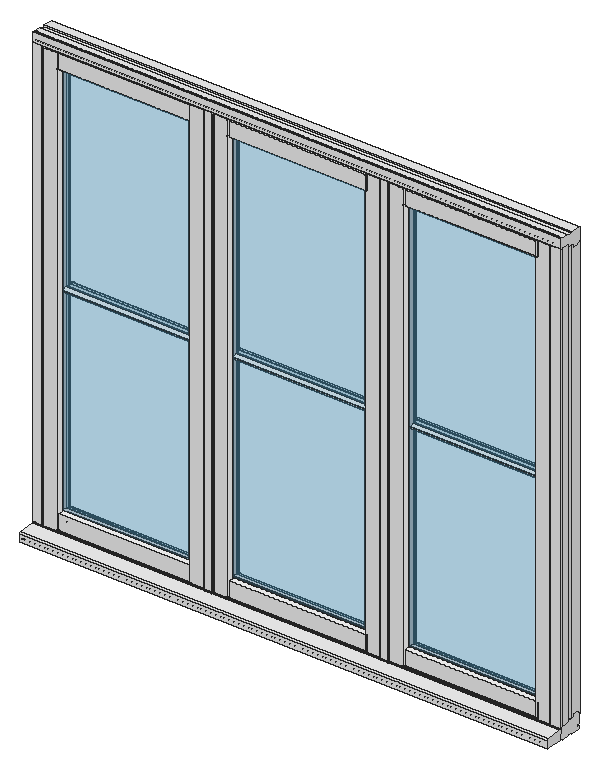
Revit family "C3-2P", category Windows, host Wall, Revit 2012 (continued)
Automatic sketch dimensions
  Sweep 25 sketch curve to plane 16 = 0.0 mm
  Sweep 25 sketch curve to plane 17 = 0.0 mm
  profile plane to Sweep 25 sketch curve = 4.0 mm
  Sweep 25 sketch curve to profile plane = 6.0 mm
  plane 1 "Center (Front/Back)" to Sweep 25 sketch curve = 13.165 mm
  Sweep 25 sketch curve to Sweep 25 sketch curve = 16.0 mm
  Extrusion 30 sketch curve to plane 16 = 6.0 mm
  Sweep 32 sketch curve to profile plane = 0.0 mm
  profile plane to Sweep 32 sketch curve = 3.0 mm  (x2)
  profile plane to Sweep 32 sketch curve = 8.0 mm  (x2)
  Sweep 32 sketch curve to Sweep 32 sketch curve = 2.0 mm  (x3)
  Sweep 32 sketch curve to Sweep 32 sketch curve = 3.0 mm
  Sweep 32 sketch curve to Sweep 32 sketch curve = 42.0 mm
  Sweep 32 sketch curve to Sweep 32 sketch curve = 6.0 mm
  Sweep 32 sketch curve to Sweep 32 sketch curve = 10.0 mm
  Sweep 32 sketch curve to plane 1 "Center (Front/Back)" = 15.5 mm
  plane 1 "Center (Front/Back)" to Sweep 32 sketch curve = 3.5 mm
  Sweep 32 sketch curve to Sweep 32 sketch curve = 18.0 mm
  plane 1 "Center (Front/Back)" to Sweep 32 sketch curve = 32.5 mm
  Sweep 32 sketch curve to Sweep 32 sketch curve = 11.0 mm
  Sweep 33 sketch curve to profile plane = 0.0 mm
  Sweep 33 sketch curve to profile plane = 3.0 mm
  Sweep 33 sketch curve to Sweep 33 sketch curve = 0.0 mm
  Sweep 33 sketch curve to profile plane = 8.0 mm
  Sweep 33 sketch curve to Sweep 33 sketch curve = 5.0 mm
  Sweep 33 sketch curve to Sweep 33 sketch curve = 2.0 mm  (x3)
  Sweep 33 sketch curve to Sweep 33 sketch curve = 3.0 mm
  Sweep 33 sketch curve to plane 1 "Center (Front/Back)" = 16.0 mm
  Sweep 33 sketch curve to Sweep 33 sketch curve = 41.0 mm
  Sweep 33 sketch curve to Sweep 33 sketch curve = 6.0 mm
  Sweep 33 sketch curve to Sweep 33 sketch curve = 10.0 mm
  plane 1 "Center (Front/Back)" to Sweep 33 sketch curve = 3.0 mm
  Sweep 33 sketch curve to Sweep 33 sketch curve = 18.0 mm
  plane 1 "Center (Front/Back)" to Sweep 33 sketch curve = 32.0 mm
  Sweep 33 sketch curve to Sweep 33 sketch curve = 11.0 mm
  Sweep 34 sketch curve to profile plane = 0.0 mm
  Sweep 34 sketch curve to profile plane = 3.0 mm
  Sweep 34 sketch curve to Sweep 34 sketch curve = 0.0 mm
  Sweep 34 sketch curve to profile plane = 8.0 mm
  Sweep 34 sketch curve to Sweep 34 sketch curve = 5.0 mm
  Sweep 34 sketch curve to Sweep 34 sketch curve = 2.0 mm  (x3)
  Sweep 34 sketch curve to Sweep 34 sketch curve = 3.0 mm
  Sweep 34 sketch curve to plane 1 "Center (Front/Back)" = 15.5 mm
  Sweep 34 sketch curve to Sweep 34 sketch curve = 41.0 mm
  Sweep 34 sketch curve to Sweep 34 sketch curve = 6.0 mm
  Sweep 34 sketch curve to Sweep 34 sketch curve = 10.0 mm
  plane 1 "Center (Front/Back)" to Sweep 34 sketch curve = 3.5 mm
  Sweep 34 sketch curve to Sweep 34 sketch curve = 18.0 mm
  plane 1 "Center (Front/Back)" to Sweep 34 sketch curve = 32.5 mm
  Sweep 34 sketch curve to Sweep 34 sketch curve = 11.0 mm
  Sweep 35 sketch curve to profile plane = 0.0 mm
  Sweep 35 sketch curve to profile plane = 3.0 mm
  Sweep 35 sketch curve to Sweep 35 sketch curve = 0.0 mm
  Sweep 35 sketch curve to profile plane = 8.0 mm
  Sweep 35 sketch curve to Sweep 35 sketch curve = 5.0 mm
  Sweep 35 sketch curve to Sweep 35 sketch curve = 2.0 mm  (x3)
  Sweep 35 sketch curve to Sweep 35 sketch curve = 3.0 mm
  Sweep 35 sketch curve to plane 1 "Center (Front/Back)" = 16.0 mm
  Sweep 35 sketch curve to Sweep 35 sketch curve = 41.0 mm
  Sweep 35 sketch curve to Sweep 35 sketch curve = 6.0 mm
  Sweep 35 sketch curve to Sweep 35 sketch curve = 10.0 mm
  plane 1 "Center (Front/Back)" to Sweep 35 sketch curve = 3.0 mm
  Sweep 35 sketch curve to Sweep 35 sketch curve = 18.0 mm
  plane 1 "Center (Front/Back)" to Sweep 35 sketch curve = 32.0 mm
  Sweep 35 sketch curve to Sweep 35 sketch curve = 11.0 mm
  Sweep 34 sketch curve to plane 12 = 0.0 mm
  Sweep 34 sketch curve to plane 13 = 5.0 mm
  plane 26 to Sweep 34 sketch curve = 0.0 mm
  Sweep 18 sketch curve to plane 12 = 0.0 mm
  plane 13 to Sweep 18 sketch curve = 5.0 mm
  Sweep 16 sketch curve to plane 12 = 0.0 mm
  plane 13 to Sweep 16 sketch curve = 5.0 mm
  Sweep 32 sketch curve to plane 12 = 0.0 mm
  plane 13 to Sweep 32 sketch curve = 5.0 mm
  Sweep 19 sketch curve to plane 13 = 5.0 mm
  Sweep 2 sketch curve to plane 12 = 0.0 mm
  plane 22 to Sweep 2 sketch curve = 4.933 mm
  plane 14 to Sweep 33 sketch curve = 6.0 mm
  Sweep 33 sketch curve to plane 24 = 52.0 mm
  plane 14 to Sweep 7 sketch curve = 6.0 mm
  Sweep 7 sketch curve to plane 24 = 52.0 mm
  plane 13 to Sweep 21 sketch curve = 5.0 mm
  plane 25 to Sweep 21 sketch curve = 52.0 mm
  plane 28 to Sweep 21 sketch curve = 46.0 mm
  Sweep 22 sketch curve to plane 13 = 5.0 mm
  plane 26 to Sweep 22 sketch curve = 52.0 mm
  plane 15 to Sweep 22 sketch curve = 6.0 mm
  plane 28 to Sweep 20 sketch curve = 46.0 mm
  plane 25 to Sweep 20 sketch curve = 52.0 mm
  plane 15 to Sweep 35 sketch curve = 6.0 mm
  plane 26 to Sweep 35 sketch curve = 52.0 mm
